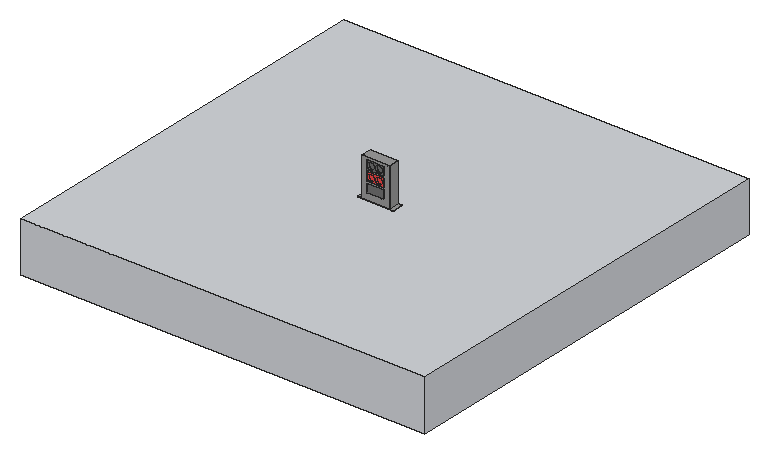
Revit family "Mechanism_Kit-Mini_Tower-Simon-500_CIMA", category Electrical Fixtures, host Face, Revit 2014
Parameters (values of type "3 Modules, Metal")
  n = 2
  e4 = Double Data : Double Data
  e2 = Null Connect : Null Connect
  Mini-Tower Depth = 68 mm
  Height = 236 mm
  Voltage [instance] = 250 V
  Voice and data connectors type = "RJ45"
  URL = "http://www.simon.es/images/stories/simon/descargas/descargas_catalogos/catalogo_simon_cima_500.pdf"
  Technical data sheet = "http://www.simon.es/images/Simon_500_cima_english_techdoc.pdf"
  Series = "Simon 500 CIMA"
  RJ45 compatibility figure = "Keystone I, II and Systimax"
  RAL Color = ""
  Protection against solid and liquid bodies = "IP40"
  Protection against impacts = "IK10"
  Overall dimensions = "236x168 mm"
  Model = "52516302-036"
  Manufacturing material = "Aluminium structure and stainless steel frame (AISI 430 ferritic stainless steel type)"
  Load Classification [instance] = Power
  Kit Material = Stainless Steel, Brushed
  Frame Type = Frame Connect Metal Tower : Frame Connect Metal Tower
  Frame Offset = 56.5 mm
  Manufacturer = "SIMON"
  Element Material = Grey Finish
  Default Elevation = 1219.2 mm
  Description = "UPS 1-face metal mini-tower kit with 1 double Schuko outlet, 1 double UPS Schuko outlet and 2 V&D plates for 1 RJ45 connector."
  D4 = 63 mm * n  # 126 mm
  D3 = 63 mm * (n - 1)  # 63 mm
  Current = 16 A
  Cost = 123.99
  Box Type = Null Connect : Null Connect
Reference planes
  plane 1 "Centro (Frontal/Posterior)": y = 0
  plane 2: z = 0
  plane 3 "Centro (Izquierda/Derecha)": x = 0
Forms (mm)
  Extrusion 1, solid
    sketch origin (0, 0, 0) x (1, 0, 0) y (0, 1, 0)
      loop
        line (-1219.2, 1219.2) -> (-1219.2, -1219.2) -> (1219.2, -1219.2) -> (1219.2, 1219.2) -> (-1219.2, 1219.2)
    from 0 to -304.8
Dimensions and locks
  aligned and locked: plane 2 to Extrusion 1
  aligned and locked: level to Extrusion 1
  aligned and locked: Extrusion 1 to nested 3
Nested families
  nested 1: "Null Connect" at (63, 0, 56.5), Schuko Material <- "Element Material", type <- "e2", type "Null Connect"
    with Schuko Material Grey Finish
  nested 2: "Null Connect" at (0, 0, 0), type <- "Box Type", type "Null Connect", not visible
  nested 3: "Frame Connect Metal Tower" at (0, -56.5, 69) x (0, 0, 1) z (0, -1, 0), Frame Meterial <- "Kit Material", Frame Width <- "Height", type "Frame Connect Metal Tower"
    with h4 -65 mm, Frame Width 236 mm, Frame Meterial Stainless Steel, Brushed
  nested 4: "Double Schuko V" at (0, -56.5, 195) x (0, 0, 1) z (0, -1, 0), Schuko Material <- "Element Material", type "Double Schuko V"
    with Schuko Material Grey Finish
  nested 5: "Schuko_Socket-outlet-Simon-Kit_500_Cima" at (24.993, -56.5, 195.007) x (1, 0, -0.0001) z (0, -1, 0), type "Schuko_Socket-outlet-Simon-Kit_500_Cima"
  nested 6: "Schuko_Socket-outlet-Simon-Kit_500_Cima" at (-25.007, -56.5, 195.007) x (1, 0, -0.0001) z (0, -1, 0), type "Schuko_Socket-outlet-Simon-Kit_500_Cima"
  nested 7: "Double Schuko V" at (0, -56.5, 132) x (0, 0, 1) z (0, -1, 0), type "Double Schuko V"
    with Schuko Material SAI
  nested 8: "Schuko_Socket-outlet-Simon-Kit_500_Cima" at (24.993, -56.5, 132.007) x (1, 0, -0.0001) z (0, -1, 0), type "Schuko_Socket-outlet-Simon-Kit_500_Cima"
  nested 9: "Schuko_Socket-outlet-Simon-Kit_500_Cima" at (-25.007, -56.5, 132.007) x (1, 0, -0.0001) z (0, -1, 0), type "Schuko_Socket-outlet-Simon-Kit_500_Cima"
  nested 10: "Double Data V" at (0, -56.5, 69) x (0, 0, -1) z (0, -1, 0), Data-Voice Material <- "Element Material", type "Double Data V"
    with Data-Voice Material Grey Finish
  nested 11: "V&D_Plates-outlet-Simon-Kit_500_Cima" at (24.776, -56.5, 69) x (-1, 0, 0) z (0, -1, 0), type "V&D_Plates-outlet-Simon-Kit_500_Cima"
  nested 12: "V&D_Plates-outlet-Simon-Kit_500_Cima" at (-25.224, -56.5, 69) x (-1, 0, 0) z (0, -1, 0), type "V&D_Plates-outlet-Simon-Kit_500_Cima"
Definition of nested family "Frame Connect Metal Tower"
  Parameters (values of type "Frame Connect Metal Tower")
    h4 [instance] = if(Frame Width > 236 mm, 30 mm, -65 mm)  # 30 mm
    Frame Width [instance] = 299 mm
    Frame Meterial [instance] = none
  Reference planes
    plane 1 "Centro (Frontal/Posterior)": y = 0
    plane 2: z = 0
    plane 3 "Centro (Izquierda/Derecha)": x = 0
    plane 4: x = -69
    plane 5: x = 230
    plane 6: y = 83
    plane 7: y = -83
    plane 8: y = -50
    plane 9: y = 50
  Forms (mm)
    Extrusion 1, void
      sketch origin (63, 0, 0) x (1, 0, 0) y (0, 1, 0)
        loop
          arc (-23, 50) -> (-24.414, 49.414) -> (-25, 48) r 2
          line (-25, 48) -> (-25, -48)
          arc (-25, -48) -> (-24.414, -49.414) -> (-23, -50) r 2
          line (-23, -50) -> (23, -50)
          arc (23, -50) -> (24.414, -49.414) -> (25, -48) r 2
          line (25, -48) -> (25, 48)
          arc (25, 48) -> (24.414, 49.414) -> (23, 50) r 2
          line (23, 50) -> (-23, 50)
      from -10 to 30
    Extrusion 2, void
      sketch origin (126, 0, 0) x (1, 0, 0) y (0, 1, 0)
        loop
          arc (-23, 50) -> (-24.414, 49.414) -> (-25, 48) r 2
          line (-25, 48) -> (-25, -48)
          arc (-25, -48) -> (-24.414, -49.414) -> (-23, -50) r 2
          line (-23, -50) -> (23, -50)
          arc (23, -50) -> (24.414, -49.414) -> (25, -48) r 2
          line (25, -48) -> (25, 48)
          arc (25, 48) -> (24.414, 49.414) -> (23, 50) r 2
          line (23, 50) -> (-23, 50)
      from -10 to 30
    Extrusion 3, solid, detail levels medium
      sketch origin (0, 0, 0) x (1, 0, 0) y (0, 1, 0)
        loop
          line (-69, 84) -> (-69, -84) -> (230, -84) -> (230, 84) -> (-69, 84)
      from -56.5 to 10
    Extrusion 4, void
      sketch origin (0, 0, 0) x (1, 0, 0) y (0, 1, 0)
        loop
          arc (-23, 50) -> (-24.414, 49.414) -> (-25, 48) r 2
          line (-25, 48) -> (-25, -48)
          arc (-25, -48) -> (-24.414, -49.414) -> (-23, -50) r 2
          line (-23, -50) -> (23, -50)
          arc (23, -50) -> (24.414, -49.414) -> (25, -48) r 2
          line (25, -48) -> (25, 48)
          arc (25, 48) -> (24.414, 49.414) -> (23, 50) r 2
          line (23, 50) -> (-23, 50)
      from -10 to 30
    Extrusion 5, void
      sketch origin (189, 0, 0) x (1, 0, 0) y (0, 1, 0)
        loop
          arc (-23, 50) -> (-24.414, 49.414) -> (-25, 48) r 2
          line (-25, 48) -> (-25, -48)
          arc (-25, -48) -> (-24.414, -49.414) -> (-23, -50) r 2
          line (-23, -50) -> (23, -50)
          arc (23, -50) -> (24.414, -49.414) -> (25, -48) r 2
          line (25, -48) -> (25, 49.077)
          arc (25, 49.077) -> (24.73, 49.73) -> (24.077, 50) r 0.923
          line (24.077, 50) -> (-23, 50)
      from -70 to 30 <- "h4"
    Extrusion 6, solid, material <- "Frame Meterial", detail levels fine
      sketch origin (0, 0, 0) x (1, 0, 0) y (0, 0, 1)
        loop
          line (-66.5, 10) -> (-66.5, 8.5) -> (227.5, 8.5)
          arc (227.5, 8.5) -> (228.207, 8.207) -> (228.5, 7.5) r 1
          line (228.5, 7.5) -> (228.5, -56.5) -> (230, -56.5) -> (230, 7.5)
          arc (230, 7.5) -> (229.268, 9.268) -> (227.5, 10) r 2.5
          line (227.5, 10) -> (-66.5, 10)
      from -84 to 84
    Extrusion 7, solid, material <- "Frame Meterial", detail levels fine
      sketch origin (-46.342, -83, 1200) x (-1, 0, 0) y (0, 0, 1)
        loop
          line (20.158, -1256.5) -> (20.158, -1191.5) -> (-273.842, -1191.5)
          arc (-273.842, -1191.5) -> (-274.549, -1191.793) -> (-274.842, -1192.5) r 1
          line (-274.842, -1192.5) -> (-274.842, -1256.5) -> (20.158, -1256.5)
      from 0 to 166
    Extrusion 8, solid, material <- "Frame Meterial", detail levels fine
      sketch origin (-69, -1524, 38.171) x (0, 0, 1) y (0, -1, 0)
        loop
          line (-26.671, -1629.5) -> (-26.671, -1418.5)
          arc (-26.671, -1418.5) -> (-28.135, -1414.964) -> (-31.671, -1413.5) r 5
          line (-31.671, -1413.5) -> (-89.671, -1413.5)
          arc (-89.671, -1413.5) -> (-93.207, -1414.964) -> (-94.671, -1418.5) r 5
          line (-94.671, -1418.5) -> (-94.671, -1629.5)
          arc (-94.671, -1629.5) -> (-93.207, -1633.036) -> (-89.671, -1634.5) r 5
          line (-89.671, -1634.5) -> (-31.671, -1634.5)
          arc (-31.671, -1634.5) -> (-28.135, -1633.036) -> (-26.671, -1629.5) r 5
      from 0 to 2.5
  Cuts and joins
    Extrusion 1, Extrusion 2, Extrusion 4, Extrusion 5 cuts Extrusion 6
    Extrusion 1, Extrusion 2, Extrusion 4, Extrusion 5 cuts Extrusion 7
  Lines and regions (mm)
    model lines, style "Frame", detail levels coarse
      curve 1: line (-66.5, 83, -56.5) -> (230, 83, -56.5)
      curve 2: line (-66.5, -83, -56.5) -> (-66.5, 83, -56.5)
      curve 3: line (230, -83, -56.5) -> (-66.5, -83, -56.5)
      curve 4: line (230, 83, -56.5) -> (230, -83, -56.5)
      curve 5: line (-69, 84, -56.5) -> (230, 84, -56.5)
      curve 6: line (-69, -84, -56.5) -> (-69, 84, -56.5)
      curve 7: line (230, -84, -56.5) -> (-69, -84, -56.5)
      curve 8: line (230, 84, -56.5) -> (230, -84, -56.5)
  Dimensions and locks
    "Frame Width": plane 4 to plane 5
    plane 3 "Centro (Izquierda/Derecha)" to Extrusion 5 sketch curve to Extrusion 5 sketch curve = 164 mm locked, 50 mm locked
    locked: plane 4 to plane 3 "Centro (Izquierda/Derecha)" at 69
    aligned and locked: level to plane 2
    aligned and locked: plane 4 to Extrusion 3 sketch curve
    aligned and locked: Extrusion 3 sketch curve to plane 5
    aligned and locked: Extrusion 1 sketch curve to plane 9
    aligned and locked: Extrusion 2 sketch curve to plane 9
    aligned and locked: Extrusion 5 sketch curve to plane 9
    aligned and locked: Extrusion 4 sketch curve to plane 9
    aligned and locked: Extrusion 7 sketch curve to Extrusion 6
    aligned and locked: plane 6 to Extrusion 7
    aligned and locked: Extrusion 3 to cut or joined group of Extrusion 1, Extrusion 2, Extrusion 4, Extrusion 5, Extrusion 6  (x2)
    aligned and locked: curve 5 to Extrusion 3
    aligned and locked: curve 7 to Extrusion 3
    aligned and locked: curve 8 to Extrusion 3
    aligned and locked: curve 2 to cut or joined group of Extrusion 1, Extrusion 2, Extrusion 4, Extrusion 5, Extrusion 7
    aligned and locked: Extrusion 6 to Extrusion 8
    aligned and locked: Extrusion 7 sketch curve to Extrusion 8
  Automatic sketch dimensions
    plane 3 "Centro (Izquierda/Derecha)" to Extrusion 1 sketch curve = 38 mm
    Extrusion 1 sketch curve to Extrusion 1 sketch curve = 2 mm  (x3)
    Extrusion 1 sketch curve to Extrusion 1 sketch curve = 46 mm  (x2)
    plane 3 "Centro (Izquierda/Derecha)" to Extrusion 2 sketch curve = 101 mm
    Extrusion 2 sketch curve to Extrusion 2 sketch curve = 2 mm  (x2)
    Extrusion 2 sketch curve to Extrusion 2 sketch curve = 46 mm  (x2)
    Extrusion 4 sketch curve to Extrusion 4 sketch curve = 2 mm  (x3)
    plane 3 "Centro (Izquierda/Derecha)" to Extrusion 4 sketch curve = 23 mm  (x2)
    Extrusion 5 sketch curve to Extrusion 5 sketch curve = 2 mm  (x2)
    plane 7 to Extrusion 1 sketch curve = 33 mm
    plane 7 to Extrusion 2 sketch curve = 33 mm
    plane 3 "Centro (Izquierda/Derecha)" to Extrusion 2 sketch curve = 103 mm
    plane 7 to Extrusion 4 sketch curve = 33 mm
    plane 7 to Extrusion 5 sketch curve = 33 mm
    plane 4 to Extrusion 4 sketch curve = 44 mm
    plane 7 to Extrusion 5 sketch curve = 35 mm
    Extrusion 5 sketch curve to plane 6 = 33.923 mm
    plane 6 to Extrusion 3 sketch curve = 1 mm
    Extrusion 3 sketch curve to plane 7 = 1 mm
    Extrusion 7 sketch curve to level = 56.5 mm
    curve 2 to Extrusion 7 = 0 mm
    curve 3 to Extrusion 7 = 0 mm
    curve 4 to Extrusion 7 = 1.5 mm
    Extrusion 8 sketch curve to level = 56.5 mm
    plane 6 to Extrusion 8 sketch curve = 27.5 mm
    Extrusion 8 sketch curve to Extrusion 8 sketch curve = 5 mm  (x2)
    level to Extrusion 8 sketch curve = 6.5 mm
    level to Extrusion 8 sketch curve = 11.5 mm
    Extrusion 8 sketch curve to plane 7 = 22.5 mm  (x2)
    curve 7 to Extrusion 3 = 0 mm
    Extrusion 6 sketch curve to Extrusion 6 sketch curve = 0 mm  (x2)
    Extrusion 6 sketch curve to plane 5 = 0 mm
    Extrusion 6 sketch curve to level = 56.5 mm
    plane 4 to Extrusion 6 sketch curve = 2.5 mm
    Extrusion 6 sketch curve to Extrusion 6 sketch curve = 1 mm
    level to Extrusion 6 sketch curve = 7.5 mm
    Extrusion 6 sketch curve to Extrusion 6 sketch curve = 1.5 mm
Definition of nested family "Double Schuko V"
  Parameters (values of type "Double Schuko V")
    Schuko Material [instance] = none
  Reference planes
    plane 1 "Centro (Frontal/Posterior)": y = 0
    plane 2: z = 0
    plane 3 "Centro (Izquierda/Derecha)": x = 0
  Forms (mm)
    Extrusion 1, solid, material <- "Schuko Material", detail levels fine
      sketch origin (0, 0, 0) x (1, 0, 0) y (0, 1, 0)
        loop
          arc (-23, 50) -> (-24.414, 49.414) -> (-25, 48) r 2
          line (-25, 48) -> (-25, -48)
          arc (-25, -48) -> (-24.414, -49.414) -> (-23, -50) r 2
          line (-23, -50) -> (23, -50)
          arc (23, -50) -> (24.414, -49.414) -> (25, -48) r 2
          line (25, -48) -> (25, 48)
          arc (25, 48) -> (24.414, 49.414) -> (23, 50) r 2
          line (23, 50) -> (-23, 50)
      from 0 to 11
    Extrusion 2, void
      sketch origin (0, 0, 11) x (0, 1, 0) y (1, 0, 0)
        loop
          circle (-24.5, 0) r 22
        loop
          circle (24.5, 0) r 22
      from 0 to 10
    Extrusion 3, solid, detail levels medium
      sketch origin (0, 0, 0) x (1, 0, 0) y (0, 1, 0)
        loop
          line (-25, 50) -> (-25, -50) -> (25, -50) -> (25, 50) -> (-25, 50)
      from 0 to 11
  Cuts and joins
    Extrusion 2 cuts Extrusion 1
  Lines and regions (mm)
    model lines, style "Cover", detail levels fine
      curve 1: circle (6.718, 31.317, 1) r 3 normal (0, 0, -1)
      curve 2: circle (-6.718, 17.882, 1) r 3 normal (0, 0, 1)
      curve 3: circle (6.718, -17.683, 1) r 3 normal (0, 0, -1)
      curve 4: circle (-6.718, -31.118, 1) r 3 normal (0, 0, 1)
    model lines, style "Cover", detail levels coarse
      curve 5: line (-25, 50, 0) -> (25, 50, 0)
      curve 6: line (-25, -50, 0) -> (-25, 50, 0)
      curve 7: line (25, -50, 0) -> (-25, -50, 0)
      curve 8: line (25, 50, 0) -> (25, -50, 0)
  Dimensions and locks
    aligned and locked: level to plane 2
    aligned and locked: curve 5 to cut or joined group of Extrusion 1, Extrusion 2
    aligned and locked: curve 6 to cut or joined group of Extrusion 1, Extrusion 2
    aligned and locked: curve 7 to cut or joined group of Extrusion 1, Extrusion 2
    aligned and locked: curve 8 to cut or joined group of Extrusion 1, Extrusion 2
    aligned and locked: Extrusion 3 sketch curve to curve 5
    aligned and locked: Extrusion 3 sketch curve to curve 6
    aligned and locked: Extrusion 3 sketch curve to curve 7
    aligned and locked: Extrusion 3 sketch curve to curve 8
  Nested families
    nested 1: "Schuko_Socket-outlet-Simon-Kit_500_Cima" at (0.007, -24.993, 0) x (-0.0001, -1, 0) z (0, 0, 1), type "Schuko_Socket-outlet-Simon-Kit_500_Cima"
    nested 2: "Schuko_Socket-outlet-Simon-Kit_500_Cima" at (0.007, 25.007, 0) x (-0.0001, -1, 0) z (0, 0, 1), type "Schuko_Socket-outlet-Simon-Kit_500_Cima"
  Definition of nested family "Schuko_Socket-outlet-Simon-Kit_500_Cima"
    Parameters (values of type "Schuko_Socket-outlet-Simon-Kit_500_Cima")
      Voltage = 250 V
      Number of poles = 2
      Model = ""
      Load Classification = Power
      Manufacturer = "SIMON"
      Description = "Schuko socket-outlet 16 A 250V"
      Current = 16 A
    Reference planes
      plane 1 "Centro (Frontal/Posterior)": y = 0
      plane 2: z = 0
      plane 3 "Centro (Izquierda/Derecha)": x = 0
    Forms (mm)
      Extrusion 1, solid, detail levels fine
        sketch origin (0, 0, 0) x (1, 0, 0) y (0, 1, 0)
          loop
            line (-25, 25) -> (-25, -25) -> (25, -25) -> (25, 25) -> (-25, 25)
        from -2 to 0
      Extrusion 2, solid, detail levels fine
        sketch origin (0, 0, 0) x (1, 0, 0) y (0, 1, 0)
          loop
            line (-25, 25) -> (-25, -25) -> (25, -25) -> (25, 25) -> (-25, 25)
        from -2 to -25
    Cuts and joins
      joined: Extrusion 1, Extrusion 2
    Dimensions and locks
      aligned and locked: level to plane 2
    Nested families
      nested 1: "Schuko symbol" at (0, 0, 0) x (1, 0, 0) z (0, -1, 0), type "Schuko symbol"
    Connectors
      electrical at (0, 0, 0), driven by "Number of poles", driven by "Load Classification", driven by "Voltage"
        settings: on cut or joined group of Extrusion 1, Extrusion 2, index 1, voltage 250 V, apparent load 0 VA, apparent load phase1 0 VA, apparent load phase2 0 VA, apparent load phase3 0 VA, power factor 1, load classification "Power", number of poles 2, system type 31, power factor state 1, is connector primary yes, connector utility no, sub classification motor no, connector description ""
    Definition of nested family "Schuko symbol"
      Parameters (values of type "Schuko symbol")
        Default Elevation = 1219.2 mm
      Reference planes
        plane 1 "Centro (Frontal/Posterior)": y = 0
        plane 2: z = 0
        plane 3 "Centro (Izquierda/Derecha)": x = 0
      Lines and regions (mm)
        model lines, style "Electrical symbol"
          curve 1: arc (-22.724, 97.902, 0) -> (0, 75, 0) -> (23.079, 97.545, 0) r 22.903
          curve 2: line (-28.976, 68.706, 0) -> (28.991, 68.706, 0)
          curve 3: line (0, 75, 0) -> (0, 47.69, 0)
      Dimensions and locks
        aligned and locked: level to plane 2
Definition of nested family "Schuko_Socket-outlet-Simon-Kit_500_Cima"
  Parameters (values of type "Schuko_Socket-outlet-Simon-Kit_500_Cima")
    Voltage = 250 V
    Number of poles = 2
    Model = ""
    Load Classification = Power
    Manufacturer = "SIMON"
    Description = "Schuko socket-outlet 16 A 250V"
    Current = 16 A
  Reference planes
    plane 1 "Centro (Frontal/Posterior)": y = 0
    plane 2: z = 0
    plane 3 "Centro (Izquierda/Derecha)": x = 0
  Forms (mm)
    Extrusion 1, solid, detail levels fine
      sketch origin (0, 0, 0) x (1, 0, 0) y (0, 1, 0)
        loop
          line (-25, 25) -> (-25, -25) -> (25, -25) -> (25, 25) -> (-25, 25)
      from -2 to 0
    Extrusion 2, solid, detail levels fine
      sketch origin (0, 0, 0) x (1, 0, 0) y (0, 1, 0)
        loop
          line (-25, 25) -> (-25, -25) -> (25, -25) -> (25, 25) -> (-25, 25)
      from -2 to -25
  Cuts and joins
    joined: Extrusion 1, Extrusion 2
  Dimensions and locks
    aligned and locked: level to plane 2
  Nested families
    nested 1: "Schuko symbol" at (0, 0, 0) x (1, 0, 0) z (0, -1, 0), type "Schuko symbol"
  Connectors
    electrical at (0, 0, 0), driven by "Number of poles", driven by "Load Classification", driven by "Voltage"
      settings: on cut or joined group of Extrusion 1, Extrusion 2, index 1, voltage 250 V, apparent load 0 VA, apparent load phase1 0 VA, apparent load phase2 0 VA, apparent load phase3 0 VA, power factor 1, load classification "Power", number of poles 2, system type 31, power factor state 1, is connector primary yes, connector utility no, sub classification motor no, connector description ""
  Definition of nested family "Schuko symbol"
    Parameters (values of type "Schuko symbol")
      Default Elevation = 1219.2 mm
    Reference planes
      plane 1 "Centro (Frontal/Posterior)": y = 0
      plane 2: z = 0
      plane 3 "Centro (Izquierda/Derecha)": x = 0
    Lines and regions (mm)
      model lines, style "Electrical symbol"
        curve 1: arc (-22.724, 97.902, 0) -> (0, 75, 0) -> (23.079, 97.545, 0) r 22.903
        curve 2: line (-28.976, 68.706, 0) -> (28.991, 68.706, 0)
        curve 3: line (0, 75, 0) -> (0, 47.69, 0)
    Dimensions and locks
      aligned and locked: level to plane 2
Definition of nested family "Double Data V"
  Parameters (values of type "Double Data V")
    Data-Voice Material [instance] = none
  Reference planes
    plane 1 "Centro (Frontal/Posterior)": y = 0
    plane 2: z = 0
    plane 3 "Centro (Izquierda/Derecha)": x = 0
  Forms (mm)
    Extrusion 1, solid, material <- "Data-Voice Material", detail levels fine
      sketch origin (0, 0, 0) x (1, 0, 0) y (0, 1, 0)
        loop
          arc (-23, 50) -> (-24.414, 49.414) -> (-25, 48) r 2
          line (-25, 48) -> (-25, -48)
          arc (-25, -48) -> (-24.414, -49.414) -> (-23, -50) r 2
          line (-23, -50) -> (23, -50)
          arc (23, -50) -> (24.414, -49.414) -> (25, -48) r 2
          line (25, -48) -> (25, 48)
          arc (25, 48) -> (24.414, 49.414) -> (23, 50) r 2
          line (23, 50) -> (-23, 50)
      from 0 to 11
    Extrusion 2, solid, detail levels medium
      sketch origin (0, 0, 0) x (1, 0, 0) y (0, 1, 0)
        loop
          line (-25, 50) -> (-25, -50) -> (25, -50) -> (25, 50) -> (-25, 50)
      from 0 to 11
  Lines and regions (mm)
    model lines, style "Cover", detail levels fine
      curve 1: line (-25, 0, 11) -> (25, 0, 11)
      curve 2: line (0, 16.776, 11) -> (0, 32.776, 11)
      curve 3: line (12, 16.776, 11) -> (0, 16.776, 11)
      curve 4: line (12, 32.776, 11) -> (12, 16.776, 11)
      curve 5: line (0, 32.776, 11) -> (12, 32.776, 11)
      curve 6: line (12, 18.776, 11) -> (21.776, 18.776, 11)
      curve 7: line (21.776, 18.776, 11) -> (21.776, 30.776, 11)
      curve 8: line (21.776, 30.776, 11) -> (12, 30.776, 11)
      curve 9: line (0, -33.224, 11) -> (0, -17.224, 11)
      curve 10: line (12, -33.224, 11) -> (0, -33.224, 11)
      curve 11: line (12, -17.224, 11) -> (12, -33.224, 11)
      curve 12: line (0, -17.224, 11) -> (12, -17.224, 11)
      curve 13: line (12, -31.224, 11) -> (21.776, -31.224, 11)
      curve 14: line (21.776, -31.224, 11) -> (21.776, -19.224, 11)
      curve 15: line (21.776, -19.224, 11) -> (12, -19.224, 11)
    model lines, style "Cover", detail levels coarse
      curve 16: line (-25, 50, 0) -> (25, 50, 0)
      curve 17: line (-25, -50, 0) -> (-25, 50, 0)
      curve 18: line (25, -50, 0) -> (-25, -50, 0)
      curve 19: line (25, 50, 0) -> (25, -50, 0)
  Dimensions and locks
    aligned and locked: level to plane 2
    aligned and locked: Extrusion 2 sketch curve to Extrusion 1  (x4)
    aligned and locked: curve 16 to Extrusion 2
    aligned and locked: curve 17 to Extrusion 2
    aligned and locked: curve 18 to Extrusion 2
    aligned and locked: curve 19 to Extrusion 2
  Nested families
    nested 1: "V&D_Plates-outlet-Simon-Kit_500_Cima" at (0, 24.776, 0) x (0, -1, 0) z (0, 0, 1), type "V&D_Plates-outlet-Simon-Kit_500_Cima"
    nested 2: "V&D_Plates-outlet-Simon-Kit_500_Cima" at (0, -25.224, 0) x (0, -1, 0) z (0, 0, 1), type "V&D_Plates-outlet-Simon-Kit_500_Cima"
  Definition of nested family "V&D_Plates-outlet-Simon-Kit_500_Cima"
    Parameters (values of type "V&D_Plates-outlet-Simon-Kit_500_Cima")
      Width [instance] = 50 mm
      Model = ""
      Manufacturer = "SIMON"
      Description = "V&D plates for RJ45"
    Reference planes
      plane 1 "Centro (Frontal/Posterior)": y = 0
      plane 2: z = 0
      plane 3 "Centro (Izquierda/Derecha)": x = 0
      plane 4: x = -25
      plane 5: x = 25
      plane 6: y = 25
      plane 7: y = -25
    Forms (mm)
      Extrusion 1, solid, detail levels fine
        sketch origin (0, 0, 0) x (1, 0, 0) y (0, 1, 0)
          loop
            line (-25, 25) -> (-25, -25) -> (25, -25) -> (25, 25) -> (-25, 25)
        from -2 to 0
      Extrusion 2, solid, detail levels fine
        sketch origin (0, 0, 0) x (1, 0, 0) y (0, 1, 0)
          loop
            line (-25, 25) -> (-25, -25) -> (25, -25) -> (25, 25) -> (-25, 25)
        from -2 to -25
    Cuts and joins
      joined: Extrusion 1, Extrusion 2
    Dimensions and locks
      "Width": plane 4 to plane 5
      equal spacing: plane 4, plane 3 "Centro (Izquierda/Derecha)", plane 5
      aligned and locked: level to plane 2
    Automatic sketch dimensions
      Extrusion 1 sketch curve to plane 4 = 0 mm
      Extrusion 1 sketch curve to plane 5 = 0 mm
      Extrusion 1 sketch curve to plane 7 = 0 mm
      Extrusion 1 sketch curve to plane 6 = 0 mm
      Extrusion 2 sketch curve to plane 4 = 0 mm
      Extrusion 2 sketch curve to plane 5 = 0 mm
      Extrusion 2 sketch curve to plane 7 = 0 mm
      Extrusion 2 sketch curve to plane 6 = 0 mm
    Nested families
      nested 1: "Data-voice symbol" at (0, 0, 0) x (1, 0, 0) z (0, -1, 0), Width <- "Width", type "Data-voice symbol"
    Connectors
      electrical at (0, 0, 0)
        settings: on cut or joined group of Extrusion 1, Extrusion 2, index 1, voltage 250 V, apparent load 0 VA, apparent load phase1 0 VA, apparent load phase2 0 VA, apparent load phase3 0 VA, power factor 1, load classification "Power", number of poles 2, system type 5, power factor state 1, is connector primary yes, connector utility no, sub classification motor no, connector description ""
    Definition of nested family "Data-voice symbol"
      Parameters (values of type "Data-voice symbol")
        Width [instance] = 50 mm
        Default Elevation = 1219.2 mm
      Reference planes
        plane 1 "Centro (Frontal/Posterior)": y = 0
        plane 2: z = 0
        plane 3 "Centro (Izquierda/Derecha)": x = 0
      Lines and regions (mm)
        model lines, style "Electrical symbol"
          curve 1: line (-25, 110, 0) -> (25, 110, 0)
          curve 2: line (25, 110, 0) -> (25, 40, 0)
          curve 3: line (25, 40, 0) -> (-25, 40, 0)
          curve 4: line (-25, 40, 0) -> (-25, 110, 0)
          curve 5: line (-8, 61.582, 0) -> (8, 61.582, 0)
          curve 6: line (0, 77.582, 0) -> (0, 85.582, 0)
          curve 7: line (-8, 61.582, 0) -> (-8, 77.582, 0)
          curve 8: line (-8, 77.582, 0) -> (8, 77.582, 0)
          curve 9: line (8, 77.582, 0) -> (8, 61.582, 0)
      Dimensions and locks
        "Width": curve 4 to curve 2
        equal spacing: curve 4, plane 3 "Centro (Izquierda/Derecha)", curve 2
        aligned and locked: level to plane 2
      Automatic sketch dimensions
        curve 8 to plane 3 "Centro (Izquierda/Derecha)" = 8 mm
        curve 3 to plane 1 "Centro (Frontal/Posterior)" = 40 mm
        curve 6 to plane 3 "Centro (Izquierda/Derecha)" = 0 mm
        plane 3 "Centro (Izquierda/Derecha)" to curve 5 = 8 mm
        curve 2 to curve 9 = 21.582 mm
        curve 5 to curve 8 = 16 mm
        curve 7 to curve 4 = 32.418 mm
        curve 6 to curve 6 = 8 mm
Definition of nested family "V&D_Plates-outlet-Simon-Kit_500_Cima"
  Parameters (values of type "V&D_Plates-outlet-Simon-Kit_500_Cima")
    Width [instance] = 50 mm
    Model = ""
    Manufacturer = "SIMON"
    Description = "V&D plates for RJ45"
  Reference planes
    plane 1 "Centro (Frontal/Posterior)": y = 0
    plane 2: z = 0
    plane 3 "Centro (Izquierda/Derecha)": x = 0
    plane 4: x = -25
    plane 5: x = 25
    plane 6: y = 25
    plane 7: y = -25
  Forms (mm)
    Extrusion 1, solid, detail levels fine
      sketch origin (0, 0, 0) x (1, 0, 0) y (0, 1, 0)
        loop
          line (-25, 25) -> (-25, -25) -> (25, -25) -> (25, 25) -> (-25, 25)
      from -2 to 0
    Extrusion 2, solid, detail levels fine
      sketch origin (0, 0, 0) x (1, 0, 0) y (0, 1, 0)
        loop
          line (-25, 25) -> (-25, -25) -> (25, -25) -> (25, 25) -> (-25, 25)
      from -2 to -25
  Cuts and joins
    joined: Extrusion 1, Extrusion 2
  Dimensions and locks
    "Width": plane 4 to plane 5
    equal spacing: plane 4, plane 3 "Centro (Izquierda/Derecha)", plane 5
    aligned and locked: level to plane 2
  Automatic sketch dimensions
    Extrusion 1 sketch curve to plane 4 = 0 mm
    Extrusion 1 sketch curve to plane 5 = 0 mm
    Extrusion 1 sketch curve to plane 7 = 0 mm
    Extrusion 1 sketch curve to plane 6 = 0 mm
    Extrusion 2 sketch curve to plane 4 = 0 mm
    Extrusion 2 sketch curve to plane 5 = 0 mm
    Extrusion 2 sketch curve to plane 7 = 0 mm
    Extrusion 2 sketch curve to plane 6 = 0 mm
  Nested families
    nested 1: "Data-voice symbol" at (0, 0, 0) x (1, 0, 0) z (0, -1, 0), Width <- "Width", type "Data-voice symbol"
  Connectors
    electrical at (0, 0, 0)
      settings: on cut or joined group of Extrusion 1, Extrusion 2, index 1, voltage 250 V, apparent load 0 VA, apparent load phase1 0 VA, apparent load phase2 0 VA, apparent load phase3 0 VA, power factor 1, load classification "Power", number of poles 2, system type 5, power factor state 1, is connector primary yes, connector utility no, sub classification motor no, connector description ""
  Definition of nested family "Data-voice symbol"
    Parameters (values of type "Data-voice symbol")
      Width [instance] = 50 mm
      Default Elevation = 1219.2 mm
    Reference planes
      plane 1 "Centro (Frontal/Posterior)": y = 0
      plane 2: z = 0
      plane 3 "Centro (Izquierda/Derecha)": x = 0
    Lines and regions (mm)
      model lines, style "Electrical symbol"
        curve 1: line (-25, 110, 0) -> (25, 110, 0)
        curve 2: line (25, 110, 0) -> (25, 40, 0)
        curve 3: line (25, 40, 0) -> (-25, 40, 0)
        curve 4: line (-25, 40, 0) -> (-25, 110, 0)
        curve 5: line (-8, 61.582, 0) -> (8, 61.582, 0)
        curve 6: line (0, 77.582, 0) -> (0, 85.582, 0)
        curve 7: line (-8, 61.582, 0) -> (-8, 77.582, 0)
        curve 8: line (-8, 77.582, 0) -> (8, 77.582, 0)
        curve 9: line (8, 77.582, 0) -> (8, 61.582, 0)
    Dimensions and locks
      "Width": curve 4 to curve 2
      equal spacing: curve 4, plane 3 "Centro (Izquierda/Derecha)", curve 2
      aligned and locked: level to plane 2
    Automatic sketch dimensions
      curve 8 to plane 3 "Centro (Izquierda/Derecha)" = 8 mm
      curve 3 to plane 1 "Centro (Frontal/Posterior)" = 40 mm
      curve 6 to plane 3 "Centro (Izquierda/Derecha)" = 0 mm
      plane 3 "Centro (Izquierda/Derecha)" to curve 5 = 8 mm
      curve 2 to curve 9 = 21.582 mm
      curve 5 to curve 8 = 16 mm
      curve 7 to curve 4 = 32.418 mm
      curve 6 to curve 6 = 8 mm
Definition of nested family "Null Connect"
  Parameters (values of type "Null Connect")
    Schuko Material [instance] = none
  Reference planes
    plane 1 "Centro (Frontal/Posterior)": y = 0
    plane 2: z = 0
    plane 3 "Centro (Izquierda/Derecha)": x = 0
  Lines and regions (mm)
    model lines, style "Cover", detail levels coarse
      curve 1: line (-25, 50, 0) -> (25, 50, 0)
      curve 2: line (-25, -50, 0) -> (-25, 50, 0)
      curve 3: line (25, -50, 0) -> (-25, -50, 0)
      curve 4: line (25, 50, 0) -> (25, -50, 0)
  Dimensions and locks
    aligned and locked: level to plane 2
